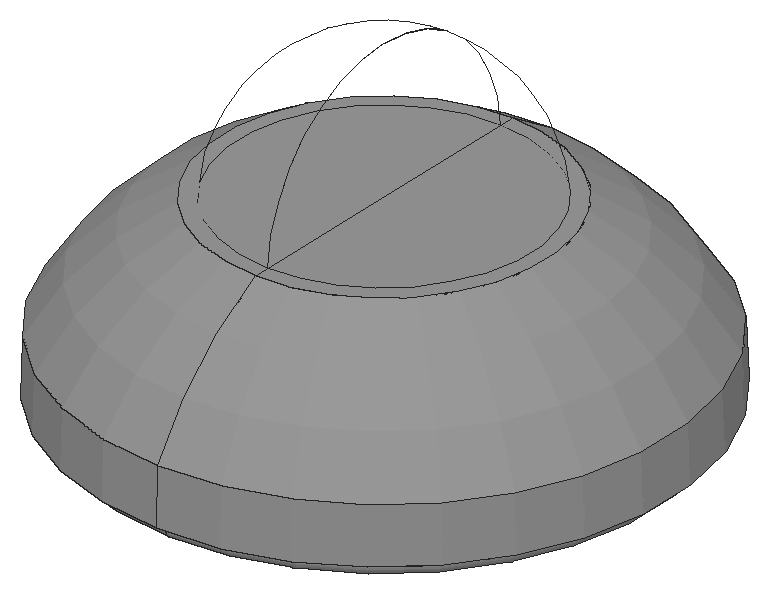
Revit family "VideoSecurityMiniSeries", category Security Devices, host Face, Revit 2019
Family settings
  Host = Face
  Maintain Annotation Orientation = Yes
  Round Connector Dimension = Use Diameter
  Part Type = Normal
  Cut with Voids When Loaded = No
  Shared = No
  Room Calculation Point = Yes
Parameters (values of type "THIS FAMILY USES A TYPE CATALOG")
  WDR = yes
  URL = "https://www.verkada.com/security-cameras/mini/"
  Type Image = CM41.png
  Symbol Rotation [instance] = FoV Rotation  # 0.00°
  Surface Mount FoV [instance] = or(and(Surface Mount, FoV Visible), or(and([ACC-MNT-5], FoV Visible)))  # yes
  Surface Mount [instance] = [ACC-MNT-#] = 0  # yes
  Resolution Vertical = 1944
  Resolution Horizontal = 2592
  Pixels Per Foot Desired [instance] = 38
  Pendant Length [instance] = 2' - 0"
  Onboard Storage = "THIS FAMILY USES A TYPE CATALOG"
  Mount Accessory 3 [instance] = " "  # constant formula
  Mount Accessory 2 [instance] = if(Surface Mount, "", if([ACC-MNT-2], "ACC-MNT-5", if([ACC-MNT-5], "", "INVALID")))  # ""
  Mount Accessory 1 [instance] = if(Surface Mount, "", if([ACC-MNT-2], "ACC-MNT-2", if([ACC-MNT-5], "ACC-MNT-5", "INVALID")))  # ""
  Model = "THIS FAMILY USES A TYPE CATALOG"
  Megapixels = 0
  Manufacturer = "VERKADA"  # constant formula
  Lens = "THIS FAMILY USES A TYPE CATALOG"
  IR = "THIS FAMILY USES A TYPE CATALOG"
  FoV Visible [instance] = yes
  FoV Rotation [instance] = 0.00°
  FoV Distance [instance] = (180.00° * Resolution Horizontal) / (FoV Angle * 3.1426 * Pixels Per Foot Desired) * 1' 0"  # 49' - 5.45659"
  FoV Angle Status [instance] = if(and(FoV Angle = 79.00°, Resolution Horizontal = 2592), "OK", if(and(FoV Angle = 78.00°, Resolution Horizontal = 2688), "OK", "ERROR - Angle outside range"))  # "OK"
  FoV Angle [instance] = if(Resolution Horizontal = 2592, 79.00°, if(Resolution Horizontal = 2688, 78.00°, 0.00°))  # 79.00°
  Description = "MINI SERIES CAMERA"  # constant formula
  Default Elevation = 8' - 0"  # constant formula
  Camera = MiniSeriesCameraExterior : Standard
  ACC-MNT-5 [instance] = [ACC-MNT-#] = 5  # no
  ACC-MNT-2 FoV [instance] = and([ACC-MNT-2], FoV Visible)  # no
  ACC-MNT-2 [instance] = [ACC-MNT-#] = 2  # no
  ACC-MNT-# [instance] = 0
Reference planes (in)
  plane 1 "Center (Front/Back)": y = 0
  plane 2: z = 0
  plane 3 "Center (Left/Right)": x = 0
  plane 4 "Pendant Bottom": z = 24
  plane 5 "2": z = 8.03558
  plane 6 "3": z = 2.14684
Forms (in)
  Extrusion 1, solid, material "Verkada White", visible <- "ACC-MNT-5"
    sketch origin (0, 0, 24) x (-1, 0, 0) y (0, -1, 0)
      loop
        circle (0, 0) r 0.65625
    from -24 to 0
Dimensions and locks (in)
  "Pendant Length": plane 4 "Pendant Bottom" to host face
  aligned and locked: plane 2 to host face
  aligned and locked: level to host face
  aligned and locked: Extrusion 1 to level
  aligned and locked: plane 4 "Pendant Bottom" to Extrusion 1
Automatic sketch dimensions
  host sketch curve to host sketch curve = 8' - 0"  (x2)
  plane 1 "Center (Front/Back)" to Extrusion 1 sketch curve = 0' - 0"
  Extrusion 1 sketch curve to plane 3 "Center (Left/Right)" = 0' - 0"
  radius of Extrusion 1 sketch curve = 0' - 0 21/32"
Nested families (in)
  nested 1: "MiniSeriesCamera" at (0, 0, 0), visible <- "Surface Mount", type "Standard"
  nested 2: "ACC-MNT-2" at (0, 0, 0), visible <- "ACC-MNT-2", type "ACC-MNT-2"
  nested 3: "MiniSeriesCameraExterior" at (0, -3.04361, 8.03558) x (1, 0, 0) z (0, -1, 0), visible <- "ACC-MNT-2", type <- "Camera", type "Standard"
  nested 4: "MiniSeriesCamera" at (0, 0, 28.04678), visible <- "ACC-MNT-5", type "Standard"
  nested 5: "ACC-MNT-5" at (0, 0, 24) x (0, -1, 0) z (0, 0, 1), visible <- "ACC-MNT-5", type "ACC-MNT-5"
  nested 6: "ACC-MNT-5" at (0.04333, 1.00318, 8.03558) x (0, 0, -1) z (0, -1, 0), visible <- "ACC-MNT-2", type "ACC-MNT-5"
  nested 7: "Verkada FoV" at (0, 0, 24), visible <- "Surface Mount FoV", FoV Distance <- "FoV Distance", FoV Angle <- "FoV Angle", Rotation <- "FoV Rotation", type "Standard"
    with Rotation 0.00°, FoV Half 39.50°, FoV Distance 49' - 5.45659", FoV Angle 79.00°
  nested 8: "PlanSymbol_Camera" at (0, 0, 0) x (0, 1, 0) z (0, 0, 1), Symbol Rotation <- "Symbol Rotation", type "PlanSymbol_Camera", detail levels coarse+medium
    with Symbol Rotation 0.00°
  nested 9: "Verkada FoV" at (0, 0, 8.03558) x (1, 0, 0) z (0, -1, 0), visible <- "ACC-MNT-2 FoV", FoV Distance <- "FoV Distance", FoV Angle <- "FoV Angle", Rotation <- "FoV Rotation", type "Standard"
    with Rotation 0.00°, FoV Half 39.50°, FoV Distance 49' - 5.45659", FoV Angle 79.00°
  nested 10: "Verkada FoV" at (0, 0, 2.14684) x (1, 0, 0) z (0, -1, 0), visible <- "Surface Mount FoV", FoV Distance <- "FoV Distance", FoV Angle <- "FoV Angle", Rotation <- "FoV Rotation", type "Standard"
    with Rotation 0.00°, FoV Half 39.50°, FoV Distance 49' - 5.45659", FoV Angle 79.00°
Connectors (in)
  electrical at (0, 0, 0)
    settings: index 2, voltage 0 V, apparent load 0 VA, apparent load phase1 0 VA, apparent load phase2 0 VA, apparent load phase3 0 VA, power factor 1, load classification "Other", number of poles 1, system type 5, power factor state 1, is connector primary yes, connector utility no, sub classification motor no, connector description ""
Definition of nested family "MiniSeriesCamera"
  Parameters (values of type "Standard")
    URL = ""
    Type Image = (empty or 0)
    Model = ""
    Manufacturer = ""
    Description = ""
    Default Elevation = 8' - 0"  # constant formula
  Reference planes (in)
    plane 1 "Center (Front/Back)": y = 0
    plane 2: z = 0
    plane 3 "Center (Left/Right)": x = 0
  Forms (in)
    Extrusion 1, solid
      sketch origin (0, 0, 0) x (1, 0, 0) y (0, 1, 0)
        loop
          line (-48, 48) -> (-48, -48) -> (48, -48) -> (48, 48) -> (-48, 48)
      from 0 to -12
    Revolve 2, solid
      sketch origin (0, 0, 0) x (0, 0, -1) y (0, 1, 0)
        loop
          line (0, 0) -> (-1.62087, 0) -> (-1.62087, -1.38838)
          arc (-1.62087, -1.38838) -> (-1.19947, -1.99108) -> (-0.61433, -2.43653) r 2.38214
          line (-0.61433, -2.43653) -> (-0.14173, -2.45303) -> (-0.14173, -2.35236) -> (-0.08858, -2.35236)
          arc (-0.08858, -2.35236) -> (-0.02595, -2.32642) -> (0, -2.26378) r 0.08858
          line (0, -2.26378) -> (0, 0)
        axis (0, 0) -> (-1.62087, 0)
      angle from 0 to 360
    Revolve 3, solid
      sketch origin (0, 0, 0.26308) x (0, 0, -1) y (0, 1, 0)
        loop
          line (-1.35779, 0) -> (-2.53889, 0)
          arc (-2.53889, 0) -> (-2.19729, -0.86245) -> (-1.35779, -1.25709) r 1.25953
          line (-1.35779, -1.25709) -> (-1.35779, 0)
        axis (-1.35779, 0) -> (-2.53889, 0)
      angle from 0 to 360
  Dimensions and locks (in)
    aligned and locked: plane 2 to Extrusion 1
    aligned and locked: level to Extrusion 1
Definition of nested family "ACC-MNT-2"
  Parameters (values of type "ACC-MNT-2")
    URL = "https://docs.verkada.com/docs/accessories-overview.pdf"
    Type Image = (empty or 0)
    Model = "ACC-MNT-2"
    Manufacturer = "VERKADA"  # constant formula
    Description = "ACC-MNT-2 ARM MOUNT"
    Default Elevation = 8' - 0"  # constant formula
  Reference planes (in)
    plane 1 "Center (Front/Back)": y = 0
    plane 2: z = 0
    plane 3 "Center (Left/Right)": x = 0
    plane 4: y = 2.30315
    plane 5: x = -2.30315
    plane 6: y = -2.30315
    plane 7: x = 2.30315
    plane 8: z = 0.3937
    plane 9: z = 9.0748
  Forms (in)
    Extrusion 1, solid
      sketch origin (0, 0, 0) x (1, 0, 0) y (0, 1, 0)
        loop
          line (-48, 48) -> (-48, -48) -> (48, -48) -> (48, 48) -> (-48, 48)
      from 0 to -12
    Extrusion 2, solid
      sketch origin (0, 0, 0) x (1, 0, 0) y (0, 1, 0)
        loop
          arc (-2.06693, 2.30315) -> (-2.23396, 2.23396) -> (-2.30315, 2.06693) r 0.23622
          line (-2.30315, 2.06693) -> (-2.30315, -2.06693)
          arc (-2.30315, -2.06693) -> (-2.23396, -2.23396) -> (-2.06693, -2.30315) r 0.23622
          line (-2.06693, -2.30315) -> (2.06693, -2.30315)
          arc (2.06693, -2.30315) -> (2.23396, -2.23396) -> (2.30315, -2.06693) r 0.23622
          line (2.30315, -2.06693) -> (2.30315, 2.06693)
          arc (2.30315, 2.06693) -> (2.23396, 2.23396) -> (2.06693, 2.30315) r 0.23622
          line (2.06693, 2.30315) -> (-2.06693, 2.30315)
      from 0 to 0.3937
    Blend 3, solid
      base sketch origin (0, 0, 0) x (1, 0, 0) y (0, 1, 0)
        loop
          line (0.87103, 1.22047) -> (-0.87103, 1.22047)
          arc (-0.87103, 1.22047) -> (-1.11676, 1.0957) -> (-1.22047, 0.84038) r 0.3937
          line (-1.22047, 0.84038) -> (-1.22047, -0.84038)
          arc (-1.22047, -0.84038) -> (-1.11676, -1.0957) -> (-0.87103, -1.22047) r 0.3937
          line (-0.87103, -1.22047) -> (0.87103, -1.22047)
          arc (0.87103, -1.22047) -> (1.11676, -1.0957) -> (1.22047, -0.84038) r 0.3937
          line (1.22047, -0.84038) -> (1.22047, 0.84038)
          arc (1.22047, 0.84038) -> (1.11676, 1.0957) -> (0.87103, 1.22047) r 0.3937
      top sketch origin (0, 0, 0) x (1, 0, 0) y (0, 1, 0)
        loop
          line (1.00394, -0.64961) -> (1.00394, 0.64961)
          arc (1.00394, 0.64961) -> (0.90016, 0.90016) -> (0.64961, 1.00394) r 0.35433
          line (0.64961, 1.00394) -> (-0.64961, 1.00394)
          arc (-0.64961, 1.00394) -> (-0.90016, 0.90016) -> (-1.00394, 0.64961) r 0.35433
          line (-1.00394, 0.64961) -> (-1.00394, -0.64961)
          arc (-1.00394, -0.64961) -> (-0.90016, -0.90016) -> (-0.64961, -1.00394) r 0.35433
          line (-0.64961, -1.00394) -> (0.64961, -1.00394)
          arc (0.64961, -1.00394) -> (0.90016, -0.90016) -> (1.00394, -0.64961) r 0.35433
      from 0.3937 to 8.07087
    Revolve 4, solid
      sketch origin (0, 0, 8.07087) x (1, 0, 0) y (0, 1, 0)
        loop
          line (0, 1.00394) -> (0, -2.30315) -> (1.00394, -2.30315) -> (1.00394, 0.64961)
          arc (1.00394, 0.64961) -> (0.90016, 0.90016) -> (0.64961, 1.00394) r 0.35433
          line (0.64961, 1.00394) -> (0, 1.00394)
        axis (0, -2.30315) -> (0, 1.00394)
      angle from 0 to 360
    Sweep 5, solid
      path in 3D
        loop
          arc (1.22047, 0.84038, 0.3937) -> (1.11676, 1.0957, 0.3937) -> (0.87103, 1.22047, 0.3937) r 0.3937
          line (0.87103, 1.22047, 0.3937) -> (-0.87103, 1.22047, 0.3937)
          arc (-0.87103, 1.22047, 0.3937) -> (-1.11676, 1.0957, 0.3937) -> (-1.22047, 0.84038, 0.3937) r 0.3937
          line (-1.22047, 0.84038, 0.3937) -> (-1.22047, -0.84038, 0.3937)
          arc (-1.22047, -0.84038, 0.3937) -> (-1.11676, -1.0957, 0.3937) -> (-0.87103, -1.22047, 0.3937) r 0.3937
          line (-0.87103, -1.22047, 0.3937) -> (0.87103, -1.22047, 0.3937)
          arc (0.87103, -1.22047, 0.3937) -> (1.11676, -1.0957, 0.3937) -> (1.22047, -0.84038, 0.3937) r 0.3937
          line (1.22047, -0.84038, 0.3937) -> (1.22047, 0.84038, 0.3937)
      profile origin (1.22047, 0, 0.3937) x (1, 0, 0) y (0, 0, -1)
        loop
          line (0, 0) -> (-0.0079, -0.2802)
          arc (-0.0079, -0.2802) -> (0.08502, -0.07604) -> (0.29604, 0) r 0.28875
          line (0.29604, 0) -> (0, 0)
    Extrusion 6, void
      sketch origin (0, 0, 0.3937) x (0, 1, 0) y (1, 0, 0)
        loop
          arc (1.29462, 1.68863) -> (1.68832, 1.29493) -> (2.08202, 1.68863) r 0.3937
          line (2.08202, 1.68863) -> (2.08202, 2.39184) -> (1.29462, 2.39184) -> (1.29462, 1.68863)
      from 0 to 0.19685
    Extrusion 7, void
      sketch origin (0, 0, 0.3937) x (0, -1, 0) y (-1, 0, 0)
        loop
          line (-1.29462, 1.68863) -> (-1.29462, 2.39184) -> (-2.08202, 2.39184) -> (-2.08202, 1.68863)
          arc (-2.08202, 1.68863) -> (-1.68832, 1.29493) -> (-1.29462, 1.68863) r 0.3937
      from 0 to 0.19685
    Extrusion 8, void
      sketch origin (0, 0, 0.3937) x (0, -1, 0) y (-1, 0, 0)
        loop
          arc (1.29462, 1.68863) -> (1.68832, 1.29493) -> (2.08202, 1.68863) r 0.3937
          line (2.08202, 1.68863) -> (2.08202, 2.39184) -> (1.29462, 2.39184) -> (1.29462, 1.68863)
      from 0 to 0.19685
    Extrusion 9, void
      sketch origin (0, 0, 0.3937) x (0, 1, 0) y (1, 0, 0)
        loop
          line (-1.29462, 1.68863) -> (-1.29462, 2.39184) -> (-2.08202, 2.39184) -> (-2.08202, 1.68863)
          arc (-2.08202, 1.68863) -> (-1.68832, 1.29493) -> (-1.29462, 1.68863) r 0.3937
      from 0 to 0.19685
    Sweep 10, void
      path origin (0, 0, 0.3937) x (1, 0, 0) y (0, 1, 0)
        loop
          line (2.30315, 1.29462) -> (1.68863, 1.29462)
          arc (1.68863, 1.29462) -> (1.29493, 1.68832) -> (1.68863, 2.08202) r 0.3937
          line (1.68863, 2.08202) -> (2.30267, 2.08202)
      profile origin (1.99589, 1.29462, 0.3937) x (0, -1, 0) y (0, 0, 1)
        loop
          line (0.07415, 0) -> (0, 0) -> (0, -0.07415)
          arc (0, -0.07415) -> (0.02172, -0.02172) -> (0.07415, 0) r 0.07415
    Extrusion 11, void
      sketch origin (0, 0, 0.3937) x (0, 1, 0) y (1, 0, 0)
        loop
          circle (1.68813, 1.68811) r 0.10433
      from 0.07874 to 0.3937
    Sweep 12, void
      path origin (0, 0, 0.3937) x (-1, 0, 0) y (0, -1, 0)
        loop
          line (2.30315, -1.29462) -> (1.68863, -1.29462)
          arc (1.68863, -1.29462) -> (1.29493, -1.68832) -> (1.68863, -2.08202) r 0.3937
          line (1.68863, -2.08202) -> (2.30267, -2.08202)
      profile origin (-1.99589, 1.29462, 0.3937) x (0, 1, 0) y (0, 0, 1)
        loop
          arc (-0.07415, 0) -> (-0.02172, -0.02172) -> (0, -0.07415) r 0.07415
          line (0, -0.07415) -> (0, 0) -> (-0.07415, 0)
    Extrusion 13, void
      sketch origin (0, 0, 0.3937) x (0, -1, 0) y (-1, 0, 0)
        loop
          circle (-1.68813, 1.68811) r 0.10433
      from 0.07874 to 0.3937
    Sweep 14, void
      path origin (0, 0, 0.3937) x (-1, 0, 0) y (0, -1, 0)
        loop
          line (2.30315, 1.29462) -> (1.68863, 1.29462)
          arc (1.68863, 1.29462) -> (1.29493, 1.68832) -> (1.68863, 2.08202) r 0.3937
          line (1.68863, 2.08202) -> (2.30267, 2.08202)
      profile origin (-1.99589, -1.29462, 0.3937) x (0, 1, 0) y (0, 0, 1)
        loop
          line (0.07415, 0) -> (0, 0) -> (0, -0.07415)
          arc (0, -0.07415) -> (0.02172, -0.02172) -> (0.07415, 0) r 0.07415
    Extrusion 15, void
      sketch origin (0, 0, 0.3937) x (0, -1, 0) y (-1, 0, 0)
        loop
          circle (1.68813, 1.68811) r 0.10433
      from 0.07874 to 0.3937
    Sweep 16, void
      path origin (0, 0, 0.3937) x (1, 0, 0) y (0, 1, 0)
        loop
          line (2.30315, -1.29462) -> (1.68863, -1.29462)
          arc (1.68863, -1.29462) -> (1.29493, -1.68832) -> (1.68863, -2.08202) r 0.3937
          line (1.68863, -2.08202) -> (2.30267, -2.08202)
      profile origin (1.99589, -1.29462, 0.3937) x (0, -1, 0) y (0, 0, 1)
        loop
          arc (-0.07415, 0) -> (-0.02172, -0.02172) -> (0, -0.07415) r 0.07415
          line (0, -0.07415) -> (0, 0) -> (-0.07415, 0)
    Extrusion 17, void
      sketch origin (0, 0, 0.3937) x (0, 1, 0) y (1, 0, 0)
        loop
          circle (-1.68813, 1.68811) r 0.10433
      from 0.07874 to 0.3937
  Cuts and joins
    Extrusion 6, Extrusion 7, Extrusion 8, Extrusion 9, Sweep 10, Extrusion 11, Sweep 12, Extrusion 13, Sweep 14, Extrusion 15, Sweep 16, Extrusion 17 cuts Extrusion 2
  Lines and regions (in)
    sketch lines
      curve 1: line (1.22047, -0.84038, 0.3937) -> (1.22047, 0.84038, 0.3937)
      curve 2: arc (0.87103, -1.22047, 0.3937) -> (1.11676, -1.0957, 0.3937) -> (1.22047, -0.84038, 0.3937) r 0.3937
      curve 3: line (-0.87103, -1.22047, 0.3937) -> (0.87103, -1.22047, 0.3937)
      curve 4: arc (-1.22047, -0.84038, 0.3937) -> (-1.11676, -1.0957, 0.3937) -> (-0.87103, -1.22047, 0.3937) r 0.3937
      curve 5: line (-1.22047, 0.84038, 0.3937) -> (-1.22047, -0.84038, 0.3937)
      curve 6: arc (-0.87103, 1.22047, 0.3937) -> (-1.11676, 1.0957, 0.3937) -> (-1.22047, 0.84038, 0.3937) r 0.3937
      curve 7: line (0.87103, 1.22047, 0.3937) -> (-0.87103, 1.22047, 0.3937)
      curve 8: arc (1.22047, 0.84038, 0.3937) -> (1.11676, 1.0957, 0.3937) -> (0.87103, 1.22047, 0.3937) r 0.3937
  Dimensions and locks (in)
    equal spacing: plane 5, plane 3 "Center (Left/Right)", plane 7
    plane 5 to plane 7 = 0' - 4.6063"
    equal spacing: plane 6, plane 1 "Center (Front/Back)", plane 4
    plane 6 to plane 4 = 0' - 4.6063"
    locked: plane 8 to plane 2 at 0.3937
    plane 9 to Extrusion 1 = 0' - 9.0748"
    aligned and locked: plane 2 to Extrusion 1
    aligned and locked: level to Extrusion 1
    aligned and locked: plane 4 to Extrusion 2 sketch curve
    aligned and locked: plane 5 to Extrusion 2 sketch curve
    aligned and locked: Extrusion 2 sketch curve to plane 6
    aligned and locked: Extrusion 2 sketch curve to plane 7
  Automatic sketch dimensions
    Extrusion 1 sketch curve to Extrusion 1 sketch curve = 8' - 0"  (x2)
    Extrusion 2 sketch curve to plane 5 = 0' - 0"
    plane 5 to Extrusion 2 sketch curve = 0' - 0.23622"
    Extrusion 2 sketch curve to Extrusion 2 sketch curve = 0' - 0.23622"
    Extrusion 2 sketch curve to plane 6 = 0' - 0.23622"
    Extrusion 2 sketch curve to plane 7 = 0' - 0.23622"
    plane 5 to Blend 3 sketch curve = 0' - 1.08268"
    Blend 3 sketch curve to Blend 3 sketch curve = 0' - 0.34944"  (x2)
    Blend 3 sketch curve to Blend 3 sketch curve = 0' - 0.0441"  (x4)
    plane 3 "Center (Left/Right)" to Blend 3 sketch curve = 0' - 0.82693"  (x2)
    Blend 3 sketch curve to Blend 3 sketch curve = 0' - 0.39354"
    Blend 3 sketch curve to plane 6 = 0' - 1.08268"
    Blend 3 sketch curve to Blend 3 sketch curve = 0' - 0.3801"  (x2)
    Blend 3 sketch curve to plane 1 "Center (Front/Back)" = 0' - 0.82925"  (x2)
    Blend 3 sketch curve to Blend 3 sketch curve = 0' - 0.01113"
    Blend 3 sketch curve to plane 3 "Center (Left/Right)" = 0' - 1.00394"
    Blend 3 sketch curve to Blend 3 sketch curve = 0' - 0.35433"  (x3)
    plane 3 "Center (Left/Right)" to Blend 3 sketch curve = 0' - 0.64961"  (x2)
    plane 1 "Center (Front/Back)" to Blend 3 sketch curve = 0' - 1.00394"
    Blend 3 sketch curve to plane 1 "Center (Front/Back)" = 0' - 0.64961"
    Revolve 4 sketch curve to plane 3 "Center (Left/Right)" = 0' - 0"  (x2)
    plane 6 to Revolve 4 sketch curve = 0' - 0"
    plane 3 "Center (Left/Right)" to Revolve 4 sketch curve = 0' - 0.64961"
    plane 3 "Center (Left/Right)" to Revolve 4 sketch curve = 0' - 1.00394"
    Revolve 4 sketch curve to plane 1 "Center (Front/Back)" = 0' - 0.64961"
    plane 1 "Center (Front/Back)" to Revolve 4 sketch curve = 0' - 0.11277"
    Revolve 4 sketch curve to plane 1 "Center (Front/Back)" = 0' - 0.17206"
    profile plane to Sweep 5 sketch curve = 0' - 0"
    Sweep 5 sketch curve to profile plane = 0' - 0"
    profile plane to Sweep 5 sketch curve = 0' - 0.0079"
    Sweep 5 sketch curve to profile plane = 0' - 0.28073"
    Sweep 5 sketch curve to Sweep 5 sketch curve = 0' - 0.01531"
    Sweep 5 sketch curve to profile plane = 0' - 0.2802"
    Extrusion 2 to Extrusion 6 sketch curve = 0' - 0.08869"
    Extrusion 6 sketch curve to Extrusion 2 = 0' - 1.00853"
    Extrusion 6 sketch curve to Extrusion 6 sketch curve = 0' - 0.3937"
    Extrusion 6 sketch curve to Extrusion 2 = 0' - 0.61452"
    Extrusion 6 sketch curve to Extrusion 6 sketch curve = 0' - 0"
    Extrusion 2 to Extrusion 7 sketch curve = 0' - 0.08869"
    Extrusion 7 sketch curve to Extrusion 2 = 0' - 0.22113"
    Extrusion 7 sketch curve to Extrusion 7 sketch curve = 0' - 0.3937"
    Extrusion 7 sketch curve to Extrusion 2 = 0' - 0.61452"
    Extrusion 7 sketch curve to Extrusion 7 sketch curve = 0' - 0"
    Extrusion 2 to Extrusion 8 sketch curve = 0' - 0.08869"
    Extrusion 8 sketch curve to Extrusion 2 = 0' - 1.00853"
    Extrusion 8 sketch curve to Extrusion 8 sketch curve = 0' - 0.3937"
    Extrusion 8 sketch curve to Extrusion 2 = 0' - 0.61452"
    Extrusion 8 sketch curve to Extrusion 8 sketch curve = 0' - 0"
    Extrusion 2 to Extrusion 9 sketch curve = 0' - 0.08869"
    Extrusion 9 sketch curve to Extrusion 2 = 0' - 0.22113"
    Extrusion 9 sketch curve to Extrusion 9 sketch curve = 0' - 0.3937"
    Extrusion 9 sketch curve to Extrusion 2 = 0' - 0.61452"
    Extrusion 9 sketch curve to Extrusion 9 sketch curve = 0' - 0"
    Sweep 10 sketch curve to Extrusion 2 = 0' - 0"
    Sweep 10 sketch curve to Extrusion 2 = 0' - 0.22113"
    Sweep 10 sketch curve to Extrusion 2 = 0' - 0.61452"
    Sweep 10 sketch curve to Sweep 10 sketch curve = 0' - 0.3937"
    Sweep 10 sketch curve to Extrusion 2 = 0' - 0.00048"
    Sweep 10 sketch curve to profile plane = 0' - 0"  (x2)
    Sweep 10 sketch curve to profile plane = 0' - 0.07415"
    Extrusion 11 sketch curve to Extrusion 2 = 0' - 0.61502"
    Extrusion 11 sketch curve to Extrusion 2 = 0' - 0.61504"
    Sweep 12 sketch curve to Extrusion 2 = 0' - 0"
    Sweep 12 sketch curve to Extrusion 2 = 0' - 0.22113"
    Sweep 12 sketch curve to Extrusion 2 = 0' - 0.61452"
    Sweep 12 sketch curve to Sweep 12 sketch curve = 0' - 0.3937"
    Sweep 12 sketch curve to Extrusion 2 = 0' - 0.00048"
    Sweep 12 sketch curve to profile plane = 0' - 0"  (x2)
    profile plane to Sweep 12 sketch curve = 0' - 0.07415"
    Extrusion 13 sketch curve to Extrusion 2 = 0' - 0.61502"
    Extrusion 13 sketch curve to Extrusion 2 = 0' - 0.61504"
    Sweep 14 sketch curve to Extrusion 2 = 0' - 0"
    Sweep 14 sketch curve to Extrusion 2 = 0' - 0.22113"
    Sweep 14 sketch curve to Extrusion 2 = 0' - 0.61452"
    Sweep 14 sketch curve to Sweep 14 sketch curve = 0' - 0.3937"
    Sweep 14 sketch curve to Extrusion 2 = 0' - 0.00048"
    Sweep 14 sketch curve to profile plane = 0' - 0"  (x2)
    Sweep 14 sketch curve to Sweep 14 sketch curve = 0' - 0.07415"
    Extrusion 15 sketch curve to Extrusion 2 = 0' - 0.61502"
    Extrusion 15 sketch curve to Extrusion 2 = 0' - 0.61504"
    Sweep 16 sketch curve to Extrusion 2 = 0' - 0"
    Sweep 16 sketch curve to Extrusion 2 = 0' - 0.22113"
    Sweep 16 sketch curve to Extrusion 2 = 0' - 0.61452"
    Sweep 16 sketch curve to Sweep 16 sketch curve = 0' - 0.3937"
    Sweep 16 sketch curve to Extrusion 2 = 0' - 0.00048"
    Sweep 16 sketch curve to profile plane = 0' - 0"  (x2)
    profile plane to Sweep 16 sketch curve = 0' - 0.07415"
    Extrusion 17 sketch curve to Extrusion 2 = 0' - 0.61502"
    Extrusion 17 sketch curve to Extrusion 2 = 0' - 0.61504"
    radius of Extrusion 11 sketch curve = 0' - 0.10433"
    radius of Extrusion 13 sketch curve = 0' - 0.10433"
    radius of Extrusion 15 sketch curve = 0' - 0.10433"
    radius of Extrusion 17 sketch curve = 0' - 0.10433"
Definition of nested family "MiniSeriesCameraExterior"
  Parameters (values of type "Standard")
    URL = ""
    Type Image = (empty or 0)
    Model = ""
    Manufacturer = ""
    Description = ""
    Default Elevation = 8' - 0"  # constant formula
  Reference planes (in)
    plane 1 "Center (Front/Back)": y = 0
    plane 2: z = 0
    plane 3 "Center (Left/Right)": x = 0
  Forms (in)
    Extrusion 1, solid
      sketch origin (0, 0, 0) x (1, 0, 0) y (0, 1, 0)
        loop
          line (-48, 48) -> (-48, -48) -> (48, -48) -> (48, 48) -> (-48, 48)
      from 0 to -12
    Revolve 2, solid
      sketch origin (0, 0, 0) x (0, 0, -1) y (0, 1, 0)
        loop
          line (0, 0) -> (-1.37947, 0) -> (-1.37947, -1.36135)
          arc (-1.37947, -1.36135) -> (-0.99429, -1.91779) -> (-0.48484, -2.36328) r 2.74924
          line (-0.48484, -2.36328) -> (0, -2.38869) -> (0, 0)
        axis (0, 0) -> (-1.37947, 0)
      angle from 0 to 360
    Revolve 3, solid
      sketch origin (0, 0, 0.02169) x (0, 0, -1) y (0, 1, 0)
        loop
          line (-1.35779, 0) -> (-2.67516, 0)
          arc (-2.67516, 0) -> (-2.28239, -0.90398) -> (-1.35779, -1.24536) r 1.2548
          line (-1.35779, -1.24536) -> (-1.35779, 0)
        axis (-1.35779, 0) -> (-2.67516, 0)
      angle from 0 to 360
  Dimensions and locks (in)
    aligned and locked: plane 2 to Extrusion 1
    aligned and locked: level to Extrusion 1
Definition of nested family "ACC-MNT-5"
  Parameters (values of type "ACC-MNT-5")
    URL = "https://docs.verkada.com/docs/accessories-overview.pdf"
    Type Image = (empty or 0)
    Model = "ACC-MNT-5"
    Manufacturer = "VERKADA"  # constant formula
    Description = "MINI PENDANT CAP"
    Default Elevation = 8' - 0"  # constant formula
  Reference planes (in)
    plane 1 "Center (Front/Back)": y = 0
    plane 2: z = 0
    plane 3 "Center (Left/Right)": x = 0
  Forms (in)
    Extrusion 1, solid
      sketch origin (0, 0, 0) x (1, 0, 0) y (0, 1, 0)
        loop
          line (-48, 48) -> (-48, -48) -> (48, -48) -> (48, 48) -> (-48, 48)
      from 0 to -12
    Revolve 2, solid
      sketch origin (0, 0, -6.69291) x (1, 0, 0) y (0, 0, 1)
        loop
          line (0, 10.7397) -> (0, 6.69291) -> (0.59055, 6.69291)
          arc (0.59055, 6.69291) -> (0.76842, 8.46079) -> (0.81133, 10.23708) r 23.34618
          arc (0.81133, 10.23708) -> (0.82963, 10.27502) -> (0.86743, 10.2936) r 0.06458
          arc (0.86743, 10.2936) -> (1.41388, 10.3868) -> (1.94997, 10.52786) r 6.27686
          line (1.94997, 10.52786) -> (1.9685, 10.7397) -> (0, 10.7397)
        axis (0, 10.7397) -> (0, 6.69291)
      angle from 0 to 360
  Dimensions and locks (in)
    aligned and locked: plane 2 to Extrusion 1
    aligned and locked: level to Extrusion 1
Definition of nested family "Verkada FoV"
  Parameters (values of type "Standard")
    Rotation [instance] = 0.00°
    FoV Half [instance] = FoV Angle / 2  # 15.00°
    FoV Distance [instance] = 50' - 0"
    FoV Angle [instance] = 30.00°
  Reference planes (in)
    plane 1 "Center (Front/Back)": y = 0
    plane 2: z = 0
    plane 3 "Center (Left/Right)": x = 0
  Lines and regions (in)
    Filled region 1, type "Verkada FoV", in view "Ref. Level"
      outline origin (0, 0, 0) x (0, 1, 0) y (-1, 0, 0)
        loop
          line (0, 0) -> (579.5555, -155.29143)
          arc (579.5555, -155.29143) -> (594.86692, -78.31572) -> (600, 0) r 600
          line (600, 0) -> (0, 0)
    Filled region 2, type "Verkada FoV", in view "Ref. Level"
      outline origin (0, 0, 0) x (0, 1, 0) y (-1, 0, 0)
        loop
          line (0, 0) -> (600, 0)
          arc (600, 0) -> (594.86692, 78.31572) -> (579.5555, 155.29143) r 600
          line (579.5555, 155.29143) -> (0, 0)
    reference lines, in view "Ref. Level"
      curve 1: line (0, 0, 0) -> (0, 186, 0)
  Dimensions and locks (in)
    "FoV Distance": radius of Filled region 1 sketch curve
    "FoV Distance": radius of Filled region 2 sketch curve
    "Rotation": angle curve 1 to plane 3 "Center (Left/Right)"
    "FoV Half": angle Filled region 1 sketch curve to Filled region 1 sketch curve
    "FoV Half": angle Filled region 2 sketch curve to Filled region 2 sketch curve
    aligned and locked: plane 1 "Center (Front/Back)" to curve 1
    aligned and locked: plane 3 "Center (Left/Right)" to curve 1
  Automatic sketch dimensions
    curve 1 to curve 1 = 15' - 6"
    Filled region 1 sketch curve to curve 1 = 0' - 0"  (x3)
    Filled region 2 sketch curve to curve 1 = 0' - 0"  (x3)
Definition of nested family "PlanSymbol_Camera"
  Parameters (values of type "PlanSymbol_Camera")
    Symbol Rotation [instance] = 0.00°
  Reference planes (in)
    plane 1: y = 0
    plane 2: x = 0
  Lines and regions (in)
    detail lines
      curve 1: line (-0.11277, 0.08943, 0) -> (0.11277, 0.08943, 0)
      curve 2: line (0.11277, 0.08943, 0) -> (0.11277, -0.08943, 0)
      curve 3: line (0.11277, -0.08943, 0) -> (-0.11277, -0.08943, 0)
      curve 4: line (-0.11277, -0.08943, 0) -> (-0.11277, 0.08943, 0)
      curve 5: line (0.11277, 0.04496, 0) -> (0.17206, 0.04496, 0)
      curve 6: line (0.17206, 0.04496, 0) -> (0.17206, -0.04496, 0)
      curve 7: line (0.17206, -0.04496, 0) -> (0.11277, -0.04496, 0)
    reference lines
      curve 8: line (0, 0, 0) -> (0.88721, 0, 0)
  Dimensions and locks (in)
    "Symbol Rotation": angle plane 1 to curve 8
    aligned and locked: plane 1 to curve 8
    aligned and locked: plane 2 to curve 8
  Automatic sketch dimensions
    curve 1 to curve 8 = 0' - 0.11277"
    curve 8 to curve 3 = 0' - 0.11277"
    curve 7 to curve 6 = 0' - 0.05929"
    curve 8 to curve 3 = 0' - 0.08943"
    curve 8 to curve 6 = 0' - 0.04496"
    curve 5 to curve 8 = 0' - 0.04496"
    curve 5 to curve 1 = 0' - 0.04446"
